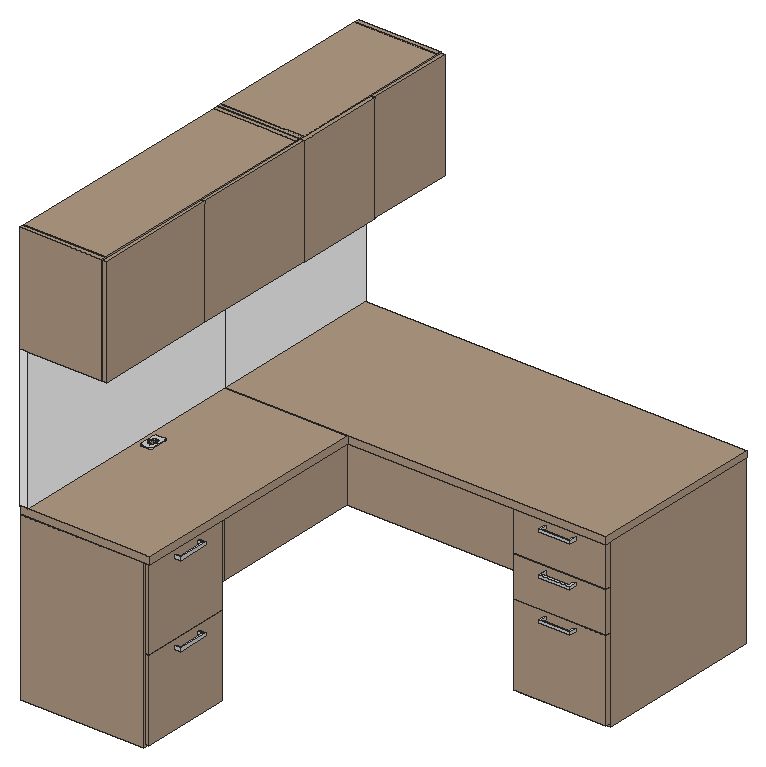
Revit family "T100043", category Furniture, Revit 2013
Parameters (values of type "T100043")
  Width = 66"
  URL = "http://www.ofsbrands.com/"
  Top Core Material = OFS BRANDS IMPULSE Top Core Wood
  Pull Material = OFS BRANDS IMPULSE Pull Metal
  Model = "T100043"
  Manufacturer = "OFS"
  Lock Material = OFS BRANDS IMPULSE Lock Metal
  Height = 71 15/16"
  Drawer Front Material = OFS BRANDS IMPULSE Drawer Front Wood
  Description = "OFS BRANDS OFS IMPULSE G2 TYPICAL T100043"
  Depth = 72"
  Copyright © = "© 2018 OFS BRANDS"
  Chassis Material = OFS BRANDS IMPULSE Chassis Wood
  Catalog = "http://ofsbrands.com/products/casegoods/private-office/impulse-g2"
  Grommet  Material = OFS BRANDS IMPULSE Grommet Metal
  Back Coverage Material = OFS BRANDS IMPULSE Back Coverage Plastic
  Authoring Version = "Autodesk Revit Architecture 2013"
  Assembly Code = "E2020200"
Reference planes (in)
  plane 1 "Center (Front/Back)": y = 0
  plane 2: z = 0
  plane 3 "Center (Left/Right)": x = 0
Forms (in)
  Extrusion 1, solid, material "OFS BRANDS IMPULSE Top Core Wood" <- "Top Core Material"
    sketch origin (14.1041, 9.4998, 0) x (0, 1, 0) y (-1, 0, 0)
      loop
        line (-45.50002, 47.00023) -> (-45.50002, 24.99979) -> (-3.50002, 24.99979) -> (-3.50002, 47.00023) -> (-45.50002, 47.00023)
      loop
        line (-20.56252, 44.4398) -> (-21.43752, 44.4398) -> (-21.43752, 44.52858)
        arc (-21.43752, 44.52858) -> (-21.68059, 44.4279) -> (-21.78127, 44.18483) r 0.34375
        line (-21.78127, 44.18483) -> (-21.69248, 44.18483) -> (-21.69248, 43.93483) -> (-21.78127, 43.93483)
        arc (-21.78127, 43.93483) -> (-21.68059, 43.69177) -> (-21.43752, 43.59108) r 0.34375
        line (-21.43752, 43.59108) -> (-21.43752, 43.67987) -> (-20.56252, 43.67987) -> (-20.56252, 43.59108)
        arc (-20.56252, 43.59108) -> (-20.31945, 43.69177) -> (-20.21877, 43.93483) r 0.34375
        line (-20.21877, 43.93483) -> (-20.30756, 43.93483) -> (-20.30756, 44.18483) -> (-20.21877, 44.18483)
        arc (-20.21877, 44.18483) -> (-20.31945, 44.4279) -> (-20.56252, 44.52858) r 0.34375
        line (-20.56252, 44.52858) -> (-20.56252, 44.4398)
    from 28.30925 to 29.4745
  Extrusion 2, solid, material "OFS BRANDS IMPULSE Grommet Metal" <- "Grommet  Material"
    sketch origin (-3.83073, -32.64289, 29.162) x (1, 0, 0) y (0, -1, 0)
      loop
        line (-26.50497, -21.11142) -> (-26.50497, -20.70517) -> (-26.59375, -20.70517)
        arc (-26.59375, -20.70517) -> (-26.49307, -20.4621) -> (-26.25, -20.36142) r 0.34375
        line (-26.25, -20.36142) -> (-26.25, -20.4502) -> (-26, -20.4502) -> (-26, -20.36142)
        arc (-26, -20.36142) -> (-25.75693, -20.4621) -> (-25.65625, -20.70517) r 0.34375
        line (-25.65625, -20.70517) -> (-25.74504, -20.70517) -> (-25.74504, -21.11142) -> (-25.125, -21.11142) -> (-25.125, -19.89267)
        arc (-25.125, -19.89267) -> (-25.25314, -19.58331) -> (-25.5625, -19.45517) r 0.4375
        line (-25.5625, -19.45517) -> (-26.6875, -19.45517)
        arc (-26.6875, -19.45517) -> (-26.99686, -19.58331) -> (-27.125, -19.89267) r 0.4375
        line (-27.125, -19.89267) -> (-27.125, -21.11142) -> (-26.50497, -21.11142)
      loop
        line (-26.50497, -21.17392) -> (-27.125, -21.17392) -> (-27.125, -22.39266)
        arc (-27.125, -22.39266) -> (-26.99686, -22.70202) -> (-26.6875, -22.83017) r 0.4375
        line (-26.6875, -22.83017) -> (-25.5625, -22.83017)
        arc (-25.5625, -22.83017) -> (-25.25314, -22.70203) -> (-25.125, -22.39267) r 0.4375
        line (-25.125, -22.39267) -> (-25.125, -21.17392) -> (-25.74504, -21.17392) -> (-25.74504, -21.58017) -> (-25.65625, -21.58017)
        arc (-25.65625, -21.58017) -> (-25.75693, -21.82323) -> (-26, -21.92392) r 0.34375
        line (-26, -21.92392) -> (-26, -21.83513) -> (-26.25, -21.83513) -> (-26.25, -21.92392)
        arc (-26.25, -21.92392) -> (-26.49307, -21.82323) -> (-26.59375, -21.58017) r 0.34375
        line (-26.59375, -21.58017) -> (-26.50497, -21.58017) -> (-26.50497, -21.17392)
    from -0.38 to -0.3125
  Extrusion 3, solid, material "OFS BRANDS IMPULSE Chassis Wood" <- "Chassis Material"
    sketch origin (-32.89613, -28.34166, 0) x (0, -1, 0) y (0, 0, 1)
      loop
        line (6.65856, 0) -> (6.65856, 28.1875) -> (-34.34144, 28.1875) -> (-34.34144, 0) -> (6.65856, 0)
    from -1 to 0.10387
  Extrusion 4, solid, material "OFS BRANDS IMPULSE Chassis Wood" <- "Chassis Material"
    sketch origin (-32.89613, -28.34166, 28.1875) x (0, -1, 0) y (0, 0, 1)
      loop
        line (6.65856, 0) -> (6.65856, 0.12175) -> (-34.34144, 0.12175) -> (-34.34144, 0) -> (6.65856, 0)
    from -1 to -0.125
  Extrusion 5, solid, material "OFS BRANDS IMPULSE Drawer Front Wood" <- "Drawer Front Material"
    sketch origin (-12.20863, -80.29005, 0) x (0, -1, 0) y (0, 0, 1)
      loop
        line (-59.79483, 28.1875) -> (-59.79483, 14.4375) -> (-44.35733, 14.4375) -> (-44.35733, 28.1875) -> (-59.79483, 28.1875)
    from -1.0625 to -0.3125
  Extrusion 6, solid, material "OFS BRANDS IMPULSE Drawer Front Wood" <- "Drawer Front Material"
    sketch origin (-12.20863, -80.29005, -13.875) x (0, -1, 0) y (0, 0, 1)
      loop
        line (-59.79483, 28.1875) -> (-59.79483, 14.4375) -> (-44.35733, 14.4375) -> (-44.35733, 28.1875) -> (-59.79483, 28.1875)
    from -1.0625 to -0.3125
  Extrusion 7, solid, material "OFS BRANDS IMPULSE Pull Metal" <- "Pull Material"
    sketch origin (18.28057, -65.12023, -2.037) x (0, -1, 0) y (1, 0, 0)
      loop
        line (-39.43501, -29.42671) -> (-39.43501, -28.42671) -> (-34.68501, -28.42671) -> (-34.68501, -29.42671) -> (-34.43501, -29.42671) -> (-34.43501, -28.17671) -> (-39.68501, -28.17671) -> (-39.68501, -29.42671) -> (-39.43501, -29.42671)
    from 28.9745 to 29.4745
  Extrusion 8, solid, material "OFS BRANDS IMPULSE Pull Metal" <- "Pull Material"
    sketch origin (18.28057, -65.12023, -15.912) x (0, -1, 0) y (1, 0, 0)
      loop
        line (-39.43501, -29.42671) -> (-39.43501, -28.42671) -> (-34.68501, -28.42671) -> (-34.68501, -29.42671) -> (-34.43501, -29.42671) -> (-34.43501, -28.17671) -> (-39.68501, -28.17671) -> (-39.68501, -29.42671) -> (-39.43501, -29.42671)
    from 28.9745 to 29.4745
  Extrusion 9, solid, material "OFS BRANDS IMPULSE Lock Metal" <- "Lock Material"
    sketch origin (-21.4194, -21.18272, -0.0015) x (1, 0, 0) y (0, 0, 1)
      loop
        circle (4.64267, 22.54687) r 0.3125
    from -1.15125 to -1.0575
  Extrusion 10, solid, material "OFS BRANDS IMPULSE Chassis Wood" <- "Chassis Material"
    sketch origin (-9.6638, -35.75022, 0) x (1, 0, 0) y (0, 0, 1)
      loop
        line (-2.23233, 0) -> (-2.23233, 28.1875) -> (-23.23233, 28.1875) -> (-23.23233, 0) -> (-2.23233, 0)
    from -0.75 to 0.25
  Extrusion 11, solid, material "OFS BRANDS IMPULSE Chassis Wood" <- "Chassis Material"
    sketch origin (-9.6638, -35.75022, 28.1875) x (1, 0, 0) y (0, 0, 1)
      loop
        line (-2.35733, 0) -> (-2.35733, 0.12175) -> (-23.10733, 0.12175) -> (-23.10733, 0) -> (-2.35733, 0)
    from -0.75 to 0.125
  Extrusion 12, solid, material "OFS BRANDS IMPULSE Chassis Wood" <- "Chassis Material"
    sketch origin (-9.6638, -20.37522, 0) x (1, 0, 0) y (0, 0, -1)
      loop
        line (-2.23233, 0) -> (-22.16983, 0) -> (-22.16983, -28.1875) -> (-2.23233, -28.1875) -> (-2.23233, 0)
    from -0.75 to 0.25
  Extrusion 13, solid, material "OFS BRANDS IMPULSE Chassis Wood" <- "Chassis Material"
    sketch origin (-9.6638, -20.37522, 28.1875) x (1, 0, 0) y (0, 0, -1)
      loop
        line (-2.35733, 0) -> (-22.16983, 0) -> (-22.16983, -0.12175) -> (-2.35733, -0.12175) -> (-2.35733, 0)
    from -0.75 to 0.125
  Extrusion 14, solid, material "OFS BRANDS IMPULSE Back Coverage Plastic" <- "Back Coverage Material"
    sketch origin (-32.76613, -29.39626, 29.4745) x (0, -1, 0) y (0, 0, 1)
      loop
        line (6.60396, 0) -> (6.60396, 23.9005) -> (-35.39604, 23.9005) -> (-35.39604, 0) -> (6.60396, 0)
    from -1.01613 to 0.23387
  Extrusion 15, solid, material "OFS BRANDS IMPULSE Chassis Wood" <- "Chassis Material"
    sketch origin (-9.6588, 5.99978, 29.4745) x (1, 0, 0) y (0, 0, -1)
      loop
        line (-9.35733, -23.9005) -> (-23.3412, -23.9005) -> (-23.3412, -42.463) -> (-9.35733, -42.463) -> (-9.35733, -23.9005)
    from -0.75 to 0
  Extrusion 16, solid, material "OFS BRANDS IMPULSE Chassis Wood" <- "Chassis Material"
    sketch origin (-9.6638, -35.25022, 29.4745) x (1, 0, 0) y (0, 0, -1)
      loop
        line (-9.35733, -23.9005) -> (-23.3362, -23.9005) -> (-23.3362, -42.463) -> (-9.35733, -42.463) -> (-9.35733, -23.9005)
    from -0.75 to 0
  Extrusion 17, solid, material "OFS BRANDS IMPULSE Chassis Wood" <- "Chassis Material"
    sketch origin (14.1091, -15.10931, 42.56575) x (0, 1, 0) y (-1, 0, 0)
      loop
        line (20.3591, 47.1091) -> (-20.1409, 47.1091) -> (-20.1409, 33.1091) -> (20.3591, 33.1091) -> (20.3591, 47.1091)
    from 28.30925 to 29.37174
  Extrusion 18, solid, material "OFS BRANDS IMPULSE Drawer Front Wood" <- "Drawer Front Material"
    sketch origin (-19.20863, 22.06051, 43.6875) x (0, 1, 0) y (0, 0, -1)
      loop
        line (-58.10734, -28.1875) -> (-37.12323, -28.1875) -> (-37.12323, -9.75) -> (-58.10734, -9.75) -> (-58.10734, -28.1875)
    from -0.95863 to -0.20863
  Extrusion 19, solid, material "OFS BRANDS IMPULSE Chassis Wood" <- "Chassis Material"
    sketch origin (-32.89613, -28.34166, 53.375) x (0, -1, 0) y (0, 0, 1)
      loop
        line (7.01767, 0) -> (7.01767, 17.5) -> (-33.59144, 17.5) -> (-33.59144, 0) -> (7.01767, 0)
    from -0.95863 to -0.45863
  Extrusion 20, solid, material "OFS BRANDS IMPULSE Chassis Wood" <- "Chassis Material"
    sketch origin (-20.89113, -28.34166, 53.375) x (0, -1, 0) y (0, 0, 1)
      loop
        line (7.01767, 0.0625) -> (7.01767, 1.3125) -> (-33.59144, 1.3125) -> (-33.59144, 0.0625) -> (7.01767, 0.0625)
    from -0.95363 to -0.20363
  Extrusion 21, solid, material "OFS BRANDS IMPULSE Chassis Wood" <- "Chassis Material"
    sketch origin (14.1091, -15.10931, 26.06575) x (0, 1, 0) y (-1, 0, 0)
      loop
        line (20.3591, 46.0466) -> (-20.25001, 46.0466) -> (-20.25001, 33.2966) -> (20.3591, 33.2966) -> (20.3591, 46.0466)
    from 28.62174 to 29.37174
  Extrusion 22, solid, material "OFS BRANDS IMPULSE Chassis Wood" <- "Chassis Material"
    sketch origin (-9.6588, 6.74978, 29.4745) x (1, 0, 0) y (0, 0, -1)
      loop
        line (-9.35733, -23.9005) -> (-23.3412, -23.9005) -> (-23.3412, -42.463) -> (-9.35733, -42.463) -> (-9.35733, -23.9005)
    from -0.75 to 0
  Extrusion 23, solid, material "OFS BRANDS IMPULSE Chassis Wood" <- "Chassis Material"
    sketch origin (-9.6588, 35.99978, 29.4745) x (1, 0, 0) y (0, 0, -1)
      loop
        line (-9.35733, -23.9005) -> (-23.3412, -23.9005) -> (-23.3412, -42.463) -> (-9.35733, -42.463) -> (-9.35733, -23.9005)
    from -0.75 to 0
  Extrusion 24, solid, material "OFS BRANDS IMPULSE Drawer Front Wood" <- "Drawer Front Material"
    sketch origin (-19.20863, 43.06051, 43.6875) x (0, 1, 0) y (0, 0, -1)
      loop
        line (-58.10734, -28.1875) -> (-37.12323, -28.1875) -> (-37.12323, -9.75) -> (-58.10734, -9.75) -> (-58.10734, -28.1875)
    from -0.95863 to -0.20863
  Extrusion 25, solid, material "OFS BRANDS IMPULSE Drawer Front Wood" <- "Drawer Front Material"
    sketch origin (-19.20863, 57.90077, 43.6875) x (0, 1, 0) y (0, 0, -1)
      loop
        line (-51.83849, -28.1875) -> (-36.96349, -28.1875) -> (-36.96349, -9.75) -> (-51.83849, -9.75) -> (-51.83849, -28.1875)
    from -0.95863 to -0.20863
  Extrusion 26, solid, material "OFS BRANDS IMPULSE Drawer Front Wood" <- "Drawer Front Material"
    sketch origin (-19.20863, 72.90077, 43.6875) x (0, 1, 0) y (0, 0, -1)
      loop
        line (-51.83849, -28.1875) -> (-36.96349, -28.1875) -> (-36.96349, -9.75) -> (-51.83849, -9.75) -> (-51.83849, -28.1875)
    from -0.95863 to -0.20863
  Extrusion 27, solid, material "OFS BRANDS IMPULSE Back Coverage Plastic" <- "Back Coverage Material"
    sketch origin (-32.76613, 12.60374, 29.4745) x (0, -1, 0) y (0, 0, 1)
      loop
        line (6.60396, 0) -> (6.60396, 23.9005) -> (-23.39604, 23.9005) -> (-23.39604, 0) -> (6.60396, 0)
    from -1.01613 to 0.23387
  Extrusion 28, solid, material "OFS BRANDS IMPULSE Chassis Wood" <- "Chassis Material"
    sketch origin (-32.89613, 13.65834, 53.375) x (0, -1, 0) y (0, 0, 1)
      loop
        line (7.01767, 0) -> (7.01767, 17.5) -> (-21.59144, 17.5) -> (-21.59144, 0) -> (7.01767, 0)
    from -0.95863 to -0.45863
  Extrusion 29, solid, material "OFS BRANDS IMPULSE Chassis Wood" <- "Chassis Material"
    sketch origin (-32.89613, 12.78334, 28.1875) x (0, -1, 0) y (0, 0, 1)
      loop
        line (6.65856, 0) -> (6.65856, 0.12175) -> (-23.09149, 0.12175) -> (-23.09149, 0) -> (6.65856, 0)
    from -0.95863 to -0.125
  Extrusion 30, solid, material "OFS BRANDS IMPULSE Chassis Wood" <- "Chassis Material"
    sketch origin (-32.89613, 12.65834, 0) x (0, -1, 0) y (0, 0, 1)
      loop
        line (6.65856, 0) -> (6.65856, 28.1875) -> (-23.34144, 28.1875) -> (-23.34144, 0) -> (6.65856, 0)
    from -0.95863 to 0.10387
  Extrusion 31, solid, material "OFS BRANDS IMPULSE Top Core Wood" <- "Top Core Material"
    sketch origin (-12.00001, -19.00001, 0) x (-1, 0, 0) y (0, -1, 0)
      loop
        line (-45.00001, -55.00023) -> (20.89612, -55.00023) -> (20.89612, -24.99979) -> (-45.00001, -24.99979) -> (-45.00001, -55.00023)
    from 28.30925 to 29.4745
  Extrusion 32, solid, material "OFS BRANDS IMPULSE Chassis Wood" <- "Chassis Material"
    sketch origin (32.68478, 4.76745, 0) x (0, -1, 0) y (0, 0, -1)
      loop
        line (-2.35734, 0) -> (-31.10738, 0) -> (-31.10738, -28.1875) -> (-2.35733, -28.1875) -> (-2.35734, 0)
    from -0.74728 to 0.31522
  Extrusion 33, solid, material "OFS BRANDS IMPULSE Chassis Wood" <- "Chassis Material"
    sketch origin (32.68478, 4.76744, 28.1875) x (0, -1, 0) y (0, 0, -1)
      loop
        line (-2.35733, 0) -> (-31.10739, 0) -> (-31.10739, -0.12175) -> (-2.35733, -0.12175) -> (-2.35733, 0)
    from -0.74728 to 0.19022
  Extrusion 34, solid, material "OFS BRANDS IMPULSE Lock Metal" <- "Lock Material"
    sketch origin (18.1825, 16.52305, -0.0015) x (0, -1, 0) y (0, 0, -1)
      loop
        circle (4.64267, -22.54687) r 0.3125
    from -1.15125 to -1.0575
  Extrusion 35, solid, material "OFS BRANDS IMPULSE Drawer Front Wood" <- "Drawer Front Material"
    sketch origin (-27.16983, 7.31228, -13.875) x (-1, 0, 0) y (0, 0, 1)
      loop
        line (-60.10733, 28.1875) -> (-60.10733, 14.4375) -> (-44.35733, 14.4375) -> (-44.35733, 28.1875) -> (-60.10733, 28.1875)
    from -1.0625 to -0.3125
  Extrusion 36, solid, material "OFS BRANDS IMPULSE Pull Metal" <- "Pull Material"
    sketch origin (-12.00001, -23.17692, -15.912) x (-1, 0, 0) y (0, -1, 0)
      loop
        line (-39.43501, -29.42671) -> (-39.43501, -28.42671) -> (-34.68501, -28.42671) -> (-34.68501, -29.42671) -> (-34.43501, -29.42671) -> (-34.43501, -28.17671) -> (-39.68501, -28.17671) -> (-39.68501, -29.42671) -> (-39.43501, -29.42671)
    from 28.9745 to 29.4745
  Extrusion 37, solid, material "OFS BRANDS IMPULSE Drawer Front Wood" <- "Drawer Front Material"
    sketch origin (-27.16983, 7.31228, -6.9375) x (-1, 0, 0) y (0, 0, 1)
      loop
        line (-60.10733, 28.1875) -> (-60.10733, 21.375) -> (-44.35733, 21.375) -> (-44.35733, 28.1875) -> (-60.10733, 28.1875)
    from -1.0625 to -0.3125
  Extrusion 38, solid, material "OFS BRANDS IMPULSE Pull Metal" <- "Pull Material"
    sketch origin (-12.00001, -23.17693, -8.9745) x (-1, 0, 0) y (0, -1, 0)
      loop
        line (-39.43501, -29.42671) -> (-39.43501, -28.42671) -> (-34.68501, -28.42671) -> (-34.68501, -29.42671) -> (-34.43501, -29.42671) -> (-34.43501, -28.17671) -> (-39.68501, -28.17671) -> (-39.68501, -29.42671) -> (-39.43501, -29.42671)
    from 28.9745 to 29.4745
  Extrusion 39, solid, material "OFS BRANDS IMPULSE Drawer Front Wood" <- "Drawer Front Material"
    sketch origin (-27.16983, 7.31228, 0) x (-1, 0, 0) y (0, 0, 1)
      loop
        line (-60.10733, 28.1875) -> (-60.10733, 21.375) -> (-44.35733, 21.375) -> (-44.35733, 28.1875) -> (-60.10733, 28.1875)
    from -1.0625 to -0.3125
  Extrusion 40, solid, material "OFS BRANDS IMPULSE Pull Metal" <- "Pull Material"
    sketch origin (-12.00001, -23.17693, -2.037) x (-1, 0, 0) y (0, -1, 0)
      loop
        line (-39.43501, -29.42671) -> (-39.43501, -28.42671) -> (-34.68501, -28.42671) -> (-34.68501, -29.42671) -> (-34.43501, -29.42671) -> (-34.43501, -28.17671) -> (-39.68501, -28.17671) -> (-39.68501, -29.42671) -> (-39.43501, -29.42671)
    from 28.9745 to 29.4745
  Extrusion 41, solid, material "OFS BRANDS IMPULSE Chassis Wood" <- "Chassis Material"
    sketch origin (-6.27267, 36.99978, 0) x (1, 0, 0) y (0, 0, -1)
      loop
        line (38.21017, 0) -> (-25.66483, 0) -> (-25.66483, -28.3125) -> (38.21017, -28.3125) -> (38.21017, 0)
    from -4.75 to -4
  Extrusion 42, solid, material "OFS BRANDS IMPULSE Chassis Wood" <- "Chassis Material"
    sketch origin (17.44022, 4.76745, 0) x (0, -1, 0) y (0, 0, 1)
      loop
        line (-2.35734, 0) -> (-2.35733, 28.1875) -> (-27.48233, 28.1875) -> (-27.48233, 0) -> (-2.35734, 0)
    from -0.37228 to 0.31522
  Extrusion 43, solid, material "OFS BRANDS IMPULSE Chassis Wood" <- "Chassis Material"
    sketch origin (17.44022, 4.76744, 28.1875) x (0, -1, 0) y (0, 0, 1)
      loop
        line (-2.35733, 0) -> (-2.35733, 0.12175) -> (-27.48234, 0.12175) -> (-27.48234, 0) -> (-2.35733, 0)
    from -0.74728 to 0.19022
  Extrusion 44, solid, material "OFS BRANDS IMPULSE Chassis Wood" <- "Chassis Material"
    sketch origin (14.1091, 26.89069, 26.06575) x (0, 1, 0) y (-1, 0, 0)
      loop
        line (8.3591, 46.0466) -> (-20.25001, 46.0466) -> (-20.25001, 33.2966) -> (8.3591, 33.2966) -> (8.3591, 46.0466)
    from 28.62174 to 29.37174
  Extrusion 45, solid, material "OFS BRANDS IMPULSE Chassis Wood" <- "Chassis Material"
    sketch origin (-20.89113, 13.40834, 53.375) x (0, -1, 0) y (0, 0, 1)
      loop
        line (7.01767, 0.0625) -> (7.01767, 1.3125) -> (-21.84144, 1.3125) -> (-21.84144, 0.0625) -> (7.01767, 0.0625)
    from -0.95363 to -0.20363
  Extrusion 46, solid, material "OFS BRANDS IMPULSE Chassis Wood" <- "Chassis Material"
    sketch origin (-12.89613, -28.34166, 0) x (0, -1, 0) y (0, 0, 1)
      loop
        line (6.65856, 0) -> (6.65856, 28.1875) -> (-7.21644, 28.1875) -> (-7.21644, 0) -> (6.65856, 0)
    from -1 to 0.10387
  Extrusion 47, solid, material "OFS BRANDS IMPULSE Chassis Wood" <- "Chassis Material"
    sketch origin (-6.27267, 11.74978, 0) x (1, 0, 0) y (0, 0, -1)
      loop
        line (38.21017, 0) -> (24.08517, 0) -> (24.08517, -28.3125) -> (38.21017, -28.3125) -> (38.21017, 0)
    from -4.75 to -4
  Extrusion 48, solid, material "OFS BRANDS IMPULSE Chassis Wood" <- "Chassis Material"
    sketch origin (14.1091, 26.89069, 42.56575) x (0, 1, 0) y (-1, 0, 0)
      loop
        line (8.3591, 47.1091) -> (-20.1409, 47.1091) -> (-20.1409, 33.1091) -> (8.3591, 33.1091) -> (8.3591, 47.1091)
    from 28.30925 to 29.37174
Dimensions and locks (in)
  aligned and locked: level to plane 2
